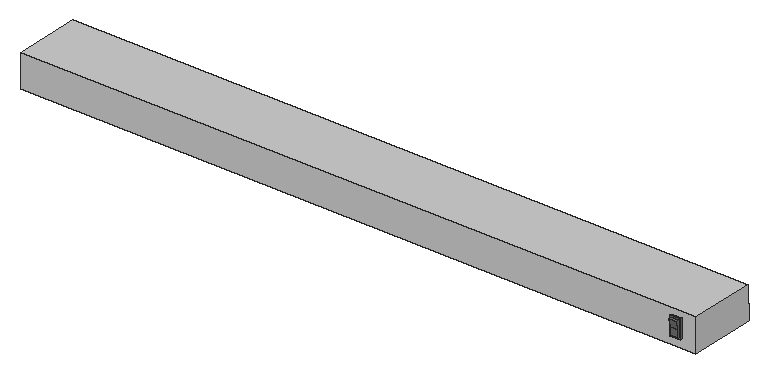
Revit family "QF_INOMAK_XWH14_250610024902", category Specialty Equipment, Revit 2021
Family settings
  Round Connector Dimension = Use Diameter
  Part Type = Normal
  OmniClass Number = 23.40.40.14
  OmniClass Title = Food Service Equipment
  Work Plane-Based = No
  Always vertical = Yes
  Cut with Voids When Loaded = No
  Shared = No
  Room Calculation Point = No
Parameters (values of type "XWH14")
  Weight [instance] = 4.70 kg
  Warranty Start Date [instance] = ""
  Warranty Duration [instance] = ""
  Volts [instance] = 230 V
  Volt Free Conn [instance] = no
  URL Recommended Spares List [instance] = ""
  URL Manufacturer [instance] = ""
  URL Cutsheet [instance] = ""
  URL Critical Spares List [instance] = ""
  URL = "www.inomak.com"
  Technical Documentation [instance] = ""
  Tag Number [instance] = ""
  Status [instance] = ""
  Start Up Current [instance] = 0 A
  Specification by User [instance] = ""
  Specification by Manufacturer [instance] = ""
  Sound Level [instance] = ""
  Show Logo [instance] = yes
  Show Clearances [instance] = yes
  Service Life Duration [instance] = ""
  Serial Number [instance] = ""
  Seismic Rating [instance] = ""
  SMACNA No [instance] = ""
  Revision Code [instance] = ""
  Revision [instance] = ""
  Production Year [instance] = ""
  Potential Equalisation [instance] = no
  Point Load [instance] = 0
  Phase [instance] = 1
  Other Equipment Approvals [instance] = ""
  Operational Current [instance] = 0 A
  Number of Poles [instance] = 2
  No Load Power Draw [instance] = no
  NAFEM Spec ID Number [instance] = ""
  Model Warning [instance] = ""
  Model = "XWH14"
  Min Ckt Ampacity [instance] = 0 A
  Max Overcurrent Protection [instance] = 10 A
  Masterspec [instance] = ""
  Manufacturer = "INOMAK"
  Main switch integrated [instance] = no
  Length Actual [instance] = 1252 mm
  Item Number [instance] = ""
  Installed By [instance] = ""
  Installation Date [instance] = ""
  Identify Quantity as Lot [instance] = no
  ID [instance] = ""
  Hygiene Approval [instance] = ""
  Height Actual [instance] = 60 mm
  HP power [instance] = ""
  Furnished By [instance] = ""
  Foodservice Equipment Identifier [instance] = no
  FL Amps [instance] = 2.26 A
  Electrical Remarks [instance] = ""
  Electric power [instance] = 520 W
  Electric Connection Type [instance] = ""
  Elec Conn RI Height [instance] = 0 mm
  Elec Conn Connection Height [instance] = 0 mm
  ETL Approved [instance] = no
  Description = "HEATING ELEMENTS, 4 HALOGEN LAMPS"
  Depth Actual [instance] = 122 mm
  Default Elevation = 0 mm
  Cycle [instance] = 50 Hz
  Cost = 0
  Connection to energy optimisation system [instance] = yes
  Conn Plug [instance] = ""
  Conn Conduit [instance] = no
  Centralized building control system with digital interface [instance] = ""
  CSI MasterFormat [instance] = ""
  CE Approved [instance] = no
  Barcode [instance] = 0
  Author [instance] = ""
  Asset Identifier [instance] = ""
  Apparent Power [instance] = 520 VA
  Accessory [instance] = no
Reference planes
  plane 1 "Center (Front/Back)": y = 0
  plane 2: z = 0
  plane 3 "Center (Left/Right)": x = 0
Forms (mm)
  Extrusion 1, solid, not visible
    sketch origin (30.001, 59.003, -30.001) x (1, 0, 0) y (0, 1, 0)
      loop
        line (-2, 2) -> (-2, -2) -> (2, -2) -> (2, 2) -> (-2, 2)
    from -2 to 2
Dimensions and locks
  locked: nested 2 to Extrusion 1
  locked: nested 2 to Extrusion 1 at 2
  aligned and locked: level to plane 2
Nested families
  nested 1: "QF_INOMAK_HEATING_ELEMENT_1252_2920" at (0, 0, 0), type "XWH14"
    with Weight 4.70 kg, Warranty Start Date "", Warranty Duration "", URL Cutsheet "", Technical Documentation "", Tag Number "", Status "", Specification by User "", Specification by Manufacturer "", Sound Level "", Solid Fuel Type "", Show Logo yes, Show Clearances yes, Service Life Duration "", Serial Number "", Seismic Rating "", SMACNA No "", Revision Code "", Revision "", Production Year "", Point Load 0, Other Equipment Approvals "", NAFEM Spec ID Number "", Model Warning "", Masterspec "", Length Actual 1252 mm, Item Number "", Installed By "", Installation Date "", Identify Quantity as Lot yes, ID "", Hygiene Approval "", Height Actual 60 mm, Height AFF 0 mm, Furnished By "", Foodservice Equipment Identifier yes, ETL Approved yes, Depth Actual 122 mm, CSI MasterFormat "", CE Approved yes, Barcode "", Author "", Asset Identifier "", Accessory no
  nested 2: "CONN_POINT_ELE_2D___Generic_Annotation" at (30.001, 61.003, -30.001), type "CONN_POINT_ELE_2D___Generic_Annotation"
    with Onboard connection annotation symbol visibility yes
Connectors
  electrical at (30.001, 61.003, -30.001), driven by "Apparent Power", driven by "Number of Poles", driven by "Volts"
    settings: on Extrusion 1, index 1, voltage 230 V, apparent load 0 VA, apparent load phase1 520 VA, apparent load phase2 0 VA, apparent load phase3 0 VA, power factor 1, load classification "Other", number of poles 2, system type 31, power factor state 1, is connector primary yes, connector utility no, sub classification motor no, connector description "Electrical connection for XWH14"
Definition of nested family "QF_INOMAK_HEATING_ELEMENT_1252_2920"
  Parameters (values of type "XWH14")
    Weight [instance] = 0.00 kg
    Warranty Start Date [instance] = ""
    Warranty Duration [instance] = ""
    URL Cutsheet [instance] = ""
    URL = "www.inomak.com"
    Technical Documentation [instance] = ""
    Tag Number [instance] = ""
    Status [instance] = ""
    Specification by User [instance] = ""
    Specification by Manufacturer [instance] = ""
    Sound Level [instance] = ""
    Solid Fuel Type [instance] = ""
    Show Logo [instance] = yes
    Show Clearances [instance] = yes
    Service Life Duration [instance] = ""
    Serial Number [instance] = ""
    Seismic Rating [instance] = ""
    SMACNA No [instance] = ""
    Revision Code [instance] = ""
    Revision [instance] = ""
    Production Year [instance] = ""
    Point Load [instance] = 0
    Other Equipment Approvals [instance] = ""
    NAFEM Spec ID Number [instance] = ""
    Model Warning [instance] = ""
    Model = "XWH14"
    Masterspec [instance] = ""
    Manufacturer = "INOMAK"
    Length Actual [instance] = 0 mm
    Item Number [instance] = ""
    Installed By [instance] = ""
    Installation Date [instance] = ""
    Identify Quantity as Lot [instance] = yes
    ID [instance] = ""
    Hygiene Approval [instance] = ""
    Height Actual [instance] = 0 mm
    Height AFF [instance] = 0 mm
    Furnished By [instance] = ""
    Foodservice Equipment Identifier [instance] = yes
    ETL Approved [instance] = yes
    Description = "HEATING ELEMENTS, 4 HALOGEN LAMPS"
    Depth Actual [instance] = 0 mm
    Default Elevation = 0 mm
    CSI MasterFormat [instance] = ""
    CE Approved [instance] = yes
    Barcode [instance] = ""
    Author [instance] = ""
    Asset Identifier [instance] = ""
    Assembly Code = "E1090320"
    Accessory [instance] = yes
  Reference planes
    plane 1 "Back": y = 0
    plane 2: z = 0
    plane 3 "Left": x = 0
    plane 4 "Right": x = 1252
    plane 5 "Front": y = -61
    plane 6 "Bottom": z = 0
    plane 7: y = 61
    plane 8 "Top": z = 60
    plane 9 "Center Left Right": x = 626
  Forms (mm)
    Extrusion 1, solid
      sketch origin (-9.264, 1899.136, 0) x (0, 1, 0) y (-1, 0, 0)
        loop
          line (-1838.136, -9.264) -> (-1960.136, -9.264) -> (-1960.136, -1261.264) -> (-1838.136, -1261.264) -> (-1838.136, -9.264)
        loop
          line (-1863.136, -34.264) -> (-1935.136, -34.264) -> (-1935.136, -1236.264) -> (-1863.136, -1236.264) -> (-1863.136, -34.264)
      from 0 to 35
    Extrusion 2, solid
      sketch origin (0, 61, 60) x (0, 1, 0) y (-1, 0, 0)
        loop
          line (0, 0) -> (-122, 0) -> (-122, -1252) -> (0, -1252) -> (0, 0)
      from 0 to -25
    Extrusion 3, solid
      sketch origin (-9.264, 1899.136, 0) x (0, 1, 0) y (-1, 0, 0)
        loop
          line (-1863.136, -214.264) -> (-1935.136, -214.264) -> (-1935.136, -374.264) -> (-1863.136, -374.264) -> (-1863.136, -214.264)
      from 0 to 35
    Extrusion 4, solid
      sketch origin (-9.264, 1899.136, 0) x (0, 1, 0) y (-1, 0, 0)
        loop
          line (-1863.136, -716.264) -> (-1863.136, -554.264) -> (-1935.136, -554.264) -> (-1935.136, -716.264) -> (-1863.136, -716.264)
      from 0 to 35
    Extrusion 5, solid
      sketch origin (-9.264, 1899.136, 0) x (0, 1, 0) y (-1, 0, 0)
        loop
          line (-1863.136, -34.264) -> (-1935.136, -34.264) -> (-1935.136, -214.264) -> (-1863.136, -214.264) -> (-1863.136, -34.264)
        loop
          line (-1868.136, -39.264) -> (-1930.136, -39.264) -> (-1930.136, -209.264) -> (-1868.136, -209.264) -> (-1868.136, -39.264)
      from -2 to 35
    Extrusion 6, solid
      sketch origin (0, 61, 940) x (0, 1, 0) y (0, 0, 1)
        loop
          line (-30, -940) -> (-30, -905) -> (-92, -905) -> (-92, -940) -> (-87.07, -927.66)
          arc (-87.07, -927.66) -> (-61, -910.002) -> (-34.93, -927.66) r 28.074
          line (-34.93, -927.66) -> (-30, -940)
      from 30 to 200
    Extrusion 7, solid
      sketch origin (0, 61, 940) x (0, 1, 0) y (0, 0, 1)
        loop
          circle (-61, -925.002) r 10
      from 30 to 200
    Extrusion 8, solid
      sketch origin (-9.264, 1899.136, 0) x (0, 1, 0) y (-1, 0, 0)
        loop
          line (-1863.136, -374.264) -> (-1935.136, -374.264) -> (-1935.136, -554.264) -> (-1863.136, -554.264) -> (-1863.136, -374.264)
        loop
          line (-1868.136, -379.264) -> (-1930.136, -379.264) -> (-1930.136, -549.264) -> (-1868.136, -549.264) -> (-1868.136, -379.264)
      from -2 to 35
    Extrusion 9, solid
      sketch origin (340, 61, 940) x (0, 1, 0) y (0, 0, 1)
        loop
          line (-30, -940) -> (-30, -905) -> (-92, -905) -> (-92, -940) -> (-87.07, -927.66)
          arc (-87.07, -927.66) -> (-61, -910.002) -> (-34.93, -927.66) r 28.074
          line (-34.93, -927.66) -> (-30, -940)
      from 30 to 200
    Extrusion 10, solid
      sketch origin (340, 61, 940) x (0, 1, 0) y (0, 0, 1)
        loop
          circle (-61, -925.002) r 10
      from 30 to 200
    Extrusion 11, solid
      sketch origin (-9.264, 1899.136, 0) x (0, 1, 0) y (-1, 0, 0)
        loop
          line (-1863.136, -716.264) -> (-1935.136, -716.264) -> (-1935.136, -896.264) -> (-1863.136, -896.264) -> (-1863.136, -716.264)
        loop
          line (-1868.136, -721.264) -> (-1930.136, -721.264) -> (-1930.136, -891.264) -> (-1868.136, -891.264) -> (-1868.136, -721.264)
      from -2 to 35
    Extrusion 12, solid
      sketch origin (682, 61, 940) x (0, 1, 0) y (0, 0, 1)
        loop
          line (-30, -940) -> (-30, -905) -> (-92, -905) -> (-92, -940) -> (-87.07, -927.66)
          arc (-87.07, -927.66) -> (-61, -910.002) -> (-34.93, -927.66) r 28.074
          line (-34.93, -927.66) -> (-30, -940)
      from 30 to 200
    Extrusion 13, solid
      sketch origin (682, 61, 940) x (0, 1, 0) y (0, 0, 1)
        loop
          circle (-61, -925.002) r 10
      from 30 to 200
    Extrusion 14, solid
      sketch origin (277, -64, 940) x (-1, 0, 0) y (0, 0, 1)
        loop
          line (-950, -925) -> (-930, -925) -> (-930, -890) -> (-950, -890) -> (-950, -925)
      from 0 to 3
    Extrusion 15, solid
      sketch origin (305, 61, 940) x (0, 1, 0) y (0, 0, 1)
        loop
          line (-125, -922) -> (-125, -893)
          arc (-125, -893) -> (-127.961, -893.188) -> (-130.754, -894.19) r 10.576
          line (-130.754, -894.19) -> (-128, -907.5) -> (-128, -922) -> (-125, -922)
      from 905 to 919
    Extrusion 16, solid
      sketch origin (-9.264, 1899.136, 0) x (0, 1, 0) y (-1, 0, 0)
        loop
          line (-1863.136, -1056.264) -> (-1935.136, -1056.264) -> (-1935.136, -1236.264) -> (-1863.136, -1236.264) -> (-1863.136, -1056.264)
        loop
          line (-1868.136, -1061.264) -> (-1930.136, -1061.264) -> (-1930.136, -1231.264) -> (-1868.136, -1231.264) -> (-1868.136, -1061.264)
      from -2 to 35
    Extrusion 17, solid
      sketch origin (1022, 61, 940) x (0, 1, 0) y (0, 0, 1)
        loop
          line (-30, -940) -> (-30, -905) -> (-92, -905) -> (-92, -940) -> (-87.07, -927.66)
          arc (-87.07, -927.66) -> (-61, -910.002) -> (-34.93, -927.66) r 28.074
          line (-34.93, -927.66) -> (-30, -940)
      from 30 to 200
    Extrusion 18, solid
      sketch origin (1022, 61, 940) x (0, 1, 0) y (0, 0, 1)
        loop
          circle (-61, -925.002) r 10
      from 30 to 200
    Extrusion 19, solid
      sketch origin (-9.264, 1899.136, 0) x (0, 1, 0) y (-1, 0, 0)
        loop
          line (-1863.136, -896.264) -> (-1935.136, -896.264) -> (-1935.136, -1056.264) -> (-1863.136, -1056.264) -> (-1863.136, -896.264)
      from 0 to 35
  Cuts and joins
    joined: Extrusion 1, Extrusion 2, Extrusion 3, Extrusion 4, Extrusion 19
  Lines and regions (mm)
    symbolic lines
      curve 1: line (0, 61, 0) -> (1252, 61, 0)
      curve 2: line (0, -61, 0) -> (0, 61, 0)
      curve 3: line (1252, -61, 0) -> (0, -61, 0)
      curve 4: line (1252, 61, 0) -> (1252, -61, 0)
      curve 5: circle (0, 0, 0) r 0.2 normal (0, 0, 1)
      curve 6: circle (1252, 0, 0) r 0.2 normal (0, 0, 1)
    reference lines
      curve 7: line (626, 61, 0) -> (626, -61, 0)
  Dimensions and locks
    plane 3 "Left" to plane 4 "Right" = 1252 mm
    plane 5 "Front" to plane 7 = 122 mm
    locked: plane 8 "Top" to plane 6 "Bottom" at 60
    "Height AFF": plane 6 "Bottom" to plane 2
    equal spacing: plane 3 "Left", plane 9 "Center Left Right", plane 4 "Right"
    "Height AFF": curve 7 to plane 2
    aligned and locked: level to plane 2
    aligned and locked: plane 1 "Back" to curve 5
    aligned and locked: plane 3 "Left" to curve 5
    aligned and locked: plane 4 "Right" to curve 6
  Automatic sketch dimensions
    curve 1 to plane 3 "Left" = 0 mm
    curve 4 to plane 4 "Right" = 0 mm
    curve 3 to plane 5 "Front" = 0 mm
    plane 1 "Back" to curve 6 = 0 mm
    curve 2 to plane 7 = 0 mm
    Extrusion 6 sketch curve to plane 6 "Bottom" = 0 mm  (x2)
    Extrusion 6 sketch curve to plane 1 "Back" = 0 mm
    plane 6 "Bottom" to Extrusion 6 sketch curve = 12.34 mm  (x2)
    plane 1 "Back" to Extrusion 6 sketch curve = 26.07 mm
    Extrusion 6 sketch curve to Extrusion 6 sketch curve = 4.93 mm  (x2)
    plane 6 "Bottom" to Extrusion 6 sketch curve = 1.925 mm
    Extrusion 6 sketch curve to Extrusion 6 sketch curve = 22.66 mm
    Extrusion 7 sketch curve to plane 1 "Back" = 0 mm
    plane 6 "Bottom" to Extrusion 7 sketch curve = 14.998 mm
    Extrusion 9 sketch curve to plane 6 "Bottom" = 0 mm  (x2)
    Extrusion 9 sketch curve to plane 1 "Back" = 0 mm
    plane 6 "Bottom" to Extrusion 9 sketch curve = 12.34 mm  (x2)
    plane 1 "Back" to Extrusion 9 sketch curve = 26.07 mm
    Extrusion 9 sketch curve to Extrusion 9 sketch curve = 4.93 mm  (x2)
    plane 6 "Bottom" to Extrusion 9 sketch curve = 1.925 mm
    Extrusion 9 sketch curve to Extrusion 9 sketch curve = 22.66 mm
    Extrusion 10 sketch curve to plane 1 "Back" = 0 mm
    plane 6 "Bottom" to Extrusion 10 sketch curve = 14.998 mm
    Extrusion 12 sketch curve to plane 6 "Bottom" = 0 mm  (x2)
    Extrusion 12 sketch curve to plane 1 "Back" = 0 mm
    plane 6 "Bottom" to Extrusion 12 sketch curve = 12.34 mm  (x2)
    plane 1 "Back" to Extrusion 12 sketch curve = 26.07 mm
    Extrusion 12 sketch curve to Extrusion 12 sketch curve = 4.93 mm  (x2)
    plane 6 "Bottom" to Extrusion 12 sketch curve = 1.925 mm
    Extrusion 12 sketch curve to Extrusion 12 sketch curve = 22.66 mm
    Extrusion 13 sketch curve to plane 1 "Back" = 0 mm
    plane 6 "Bottom" to Extrusion 13 sketch curve = 14.998 mm
    Extrusion 14 sketch curve to plane 8 "Top" = 10 mm
    plane 4 "Right" to Extrusion 14 sketch curve = 25 mm
    Extrusion 14 sketch curve to Extrusion 14 sketch curve = 20 mm
    plane 6 "Bottom" to Extrusion 14 sketch curve = 15 mm
    Extrusion 15 sketch curve to plane 5 "Front" = 8.754 mm
    Extrusion 15 sketch curve to plane 5 "Front" = 6 mm
    Extrusion 15 sketch curve to plane 5 "Front" = 3.818 mm
    Extrusion 15 sketch curve to plane 5 "Front" = 3 mm
    plane 6 "Bottom" to Extrusion 15 sketch curve = 18 mm
    Extrusion 15 sketch curve to Extrusion 15 sketch curve = 14.5 mm
    Extrusion 15 sketch curve to Extrusion 15 sketch curve = 3.955 mm
    Extrusion 15 sketch curve to Extrusion 15 sketch curve = 9.354 mm
    Extrusion 17 sketch curve to plane 6 "Bottom" = 0 mm  (x2)
    Extrusion 17 sketch curve to plane 1 "Back" = 0 mm
    plane 6 "Bottom" to Extrusion 17 sketch curve = 12.34 mm  (x2)
    plane 1 "Back" to Extrusion 17 sketch curve = 26.07 mm
    Extrusion 17 sketch curve to Extrusion 17 sketch curve = 4.93 mm  (x2)
    plane 6 "Bottom" to Extrusion 17 sketch curve = 1.925 mm
    Extrusion 17 sketch curve to Extrusion 17 sketch curve = 22.66 mm
    Extrusion 18 sketch curve to plane 1 "Back" = 0 mm
    plane 6 "Bottom" to Extrusion 18 sketch curve = 14.998 mm
    Extrusion 1 sketch curve to plane 4 "Right" = 0 mm
    Extrusion 1 sketch curve to plane 5 "Front" = 0 mm
    Extrusion 1 sketch curve to plane 3 "Left" = 0 mm
    Extrusion 1 sketch curve to plane 7 = 0 mm
    plane 5 "Front" to Extrusion 1 sketch curve = 25 mm
    Extrusion 1 sketch curve to plane 7 = 25 mm
    plane 4 "Right" to Extrusion 1 sketch curve = 25 mm
    plane 3 "Left" to Extrusion 1 sketch curve = 25 mm
    Extrusion 2 sketch curve to plane 3 "Left" = 0 mm
    Extrusion 2 sketch curve to plane 5 "Front" = 0 mm
    Extrusion 2 sketch curve to plane 7 = 0 mm
    Extrusion 2 sketch curve to plane 4 "Right" = 0 mm
    plane 5 "Front" to Extrusion 5 sketch curve = 25 mm
    Extrusion 5 sketch curve to Extrusion 5 sketch curve = 5 mm  (x4)
    Extrusion 5 sketch curve to plane 7 = 30 mm
    plane 3 "Left" to Extrusion 5 sketch curve = 205 mm
    plane 3 "Left" to Extrusion 5 sketch curve = 30 mm
    plane 5 "Front" to Extrusion 8 sketch curve = 25 mm
    Extrusion 8 sketch curve to Extrusion 8 sketch curve = 5 mm  (x4)
    Extrusion 8 sketch curve to plane 7 = 30 mm
    Extrusion 8 sketch curve to plane 9 "Center Left Right" = 81 mm
    Extrusion 8 sketch curve to Extrusion 8 sketch curve = 170 mm
    plane 5 "Front" to Extrusion 11 sketch curve = 25 mm
    Extrusion 11 sketch curve to Extrusion 11 sketch curve = 5 mm  (x4)
    Extrusion 11 sketch curve to plane 7 = 30 mm
    plane 9 "Center Left Right" to Extrusion 11 sketch curve = 261 mm
    plane 9 "Center Left Right" to Extrusion 11 sketch curve = 86 mm
    plane 5 "Front" to Extrusion 16 sketch curve = 25 mm
    Extrusion 16 sketch curve to Extrusion 16 sketch curve = 5 mm  (x4)
    Extrusion 16 sketch curve to plane 7 = 30 mm
    plane 4 "Right" to Extrusion 16 sketch curve = 25 mm
    Extrusion 16 sketch curve to Extrusion 16 sketch curve = 170 mm
    plane 5 "Front" to Extrusion 3 sketch curve = 25 mm
    Extrusion 3 sketch curve to plane 7 = 25 mm
    Extrusion 3 sketch curve to plane 9 "Center Left Right" = 261 mm
    Extrusion 3 sketch curve to Extrusion 3 sketch curve = 160 mm
    plane 5 "Front" to Extrusion 4 sketch curve = 25 mm
    Extrusion 4 sketch curve to plane 7 = 25 mm
    plane 9 "Center Left Right" to Extrusion 4 sketch curve = 81 mm
    Extrusion 4 sketch curve to plane 9 "Center Left Right" = 81 mm
    plane 5 "Front" to Extrusion 19 sketch curve = 25 mm
    Extrusion 19 sketch curve to plane 7 = 25 mm
    plane 4 "Right" to Extrusion 19 sketch curve = 205 mm
    Extrusion 19 sketch curve to Extrusion 19 sketch curve = 160 mm
    curve 7 to plane 5 "Front" = 0 mm
    curve 7 to plane 7 = 0 mm
    radius of curve 5 = 0.2 mm
    radius of curve 6 = 0.2 mm
    radius of Extrusion 7 sketch curve = 10 mm
    radius of Extrusion 10 sketch curve = 10 mm
    radius of Extrusion 13 sketch curve = 10 mm
    radius of Extrusion 18 sketch curve = 10 mm
Definition of nested family "CONN_POINT_ELE_2D___Generic_Annotation"
  Parameters (values of type "CONN_POINT_ELE_2D___Generic_Annotation")
    Onboard connection annotation symbol visibility [instance] = yes
  Reference planes
    plane 1: y = 0
    plane 2: x = 0
  Lines and regions (mm)
    detail lines, visible <- "Onboard connection annotation symbol visibility"
      curve 1: circle (0, 0, 0) r 0.5 normal (0, 0, 1)
      curve 2: line (-1, 0, 0) -> (1, 0, 0)
      curve 3: line (0, 1, 0) -> (0, -1, 0)
      curve 4: line (2.5, 1, 0) -> (1.25, 1, 0)
      curve 5: line (1.25, 1, 0) -> (1.25, -1, 0)
      curve 6: line (1.25, -1, 0) -> (2.5, -1, 0)
      curve 7: line (1.25, 0, 0) -> (2, 0, 0)
